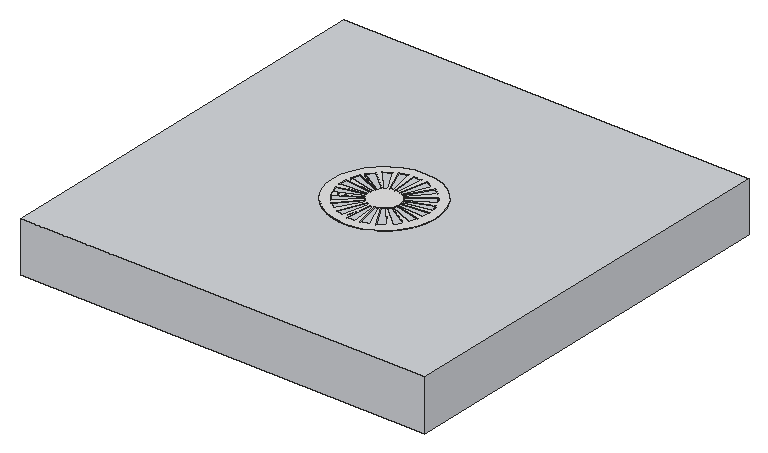
Revit family
Parameters (values of type "615 Diameter_20")
  Void Radius = 172.75 mm
  URL = "http://www.productspec.net/products/29967/holyoake-industries/ceiling-radial-swirl-diffuser-cfp.aspx"
  Type Comments = "Ceiling Radial Swirl Diffuser"  # constant formula
  Radius = 307.50 mm
  Face Thickness = 8.00 mm  # constant formula
  Model = "CFP 615 Diameter 20 Blade"
  Manufacturer = "Holyoake Industries Ltd"  # constant formula
  Engineering Data = ""
  Diffuser [instance] = Aluminium - Holyoake
  Description = "Designed to provide high quality indoor air diffusion. Constructed with swirl deflection blades that produce a highly turbulent radial airflow pattern."  # constant formula
  Default Elevation = 0.00 mm
  Created By = "Productspec Ltd"  # constant formula
  Blade Offset = 90.75 mm
  Blade Number = 20
  Blade [instance] = Plastic - Holyoake
  Author = "Zinder Zhao"  # constant formula
  Air Flow [instance] = 0 CFM
Types (3, lengths in mm): name | Void Radius | Radius | Model | Blade Offset | Blade Number
  (no name) | 172.75 | 307.50 | "CFP 615 Diameter 20 Blade" | 90.75 | 20
  500 Diameter_8 | 114.50 | 250.00 | "CFP 500 Diameter 8 Blade" | 32.50 | 8
  615 Diameter_20 | 172.75 | 307.50 | "CFP 615 Diameter 20 Blade" | 90.75 | 20
Reference planes
  plane 1 "Center (Front/Back)": y = 0
  plane 2: z = 0
  plane 3 "Center (Left/Right)": x = 0
  plane 4 "Back": z = -8
  plane 5 "c": y = 90.75
  plane 6 "b": y = -90.75
Forms (mm)
  Extrusion 1, solid
    sketch origin (0, 0, 0) x (1, 0, 0) y (0, 1, 0)
      loop
        line (-1219.2, 1219.2) -> (-1219.2, -1219.2) -> (1219.2, -1219.2) -> (1219.2, 1219.2) -> (-1219.2, 1219.2)
    from 0 to -304.8
  Extrusion 2, solid, material "Aluminium - Holyoake" <- "Diffuser"
    sketch origin (0, 0, 0) x (1, 0, 0) y (0, 1, 0)
      loop
        circle (0, 0) r 307.5
    from -8 to 0
  Extrusion 3, void
    sketch origin (-0.004, 58.248, 0) x (1, 0, 0) y (0, 1, 0)
      loop
        line (26.169, 194.5) -> (-23.511, 194.5) -> (-9.546, 34.5) -> (12.545, 34.5) -> (26.169, 194.5)
    from -8 to 0
  Extrusion 4, void
    sketch origin (17.996, 55.399, 0) x (0.951057, -0.309017, 0) y (0.309017, 0.951057, 0)
      loop
        line (26.169, 194.5) -> (-23.511, 194.5) -> (-9.546, 34.5) -> (12.545, 34.5) -> (26.169, 194.5)
    from -8 to 0
  Extrusion 5, void
    sketch origin (-18.003, 55.396, 0) x (0.951057, 0.309017, 0) y (-0.309017, 0.951057, 0)
      loop
        line (26.169, 194.5) -> (-23.511, 194.5) -> (-9.546, 34.5) -> (12.545, 34.5) -> (26.169, 194.5)
    from -8 to 0
  Extrusion 6, void
    sketch origin (-34.241, 47.122, 0) x (0.809017, 0.587785, 0) y (-0.587785, 0.809017, 0)
      loop
        line (26.169, 194.5) -> (-23.511, 194.5) -> (-9.546, 34.5) -> (12.545, 34.5) -> (26.169, 194.5)
    from -8 to 0
  Extrusion 7, void
    sketch origin (-47.126, 34.234, 0) x (0.587785, 0.809017, 0) y (-0.809017, 0.587785, 0)
      loop
        line (26.169, 194.5) -> (-23.511, 194.5) -> (-9.546, 34.5) -> (12.545, 34.5) -> (26.169, 194.5)
    from -8 to 0
  Extrusion 8, void
    sketch origin (-55.399, 17.996, 0) x (0.309017, 0.951057, 0) y (-0.951057, 0.309017, 0)
      loop
        line (26.169, 194.5) -> (-23.511, 194.5) -> (-9.546, 34.5) -> (12.545, 34.5) -> (26.169, 194.5)
    from -8 to 0
  Extrusion 9, void
    sketch origin (-58.248, -0.004, 0) x (0, 1, 0) y (-1, 0, 0)
      loop
        line (26.169, 194.5) -> (-23.511, 194.5) -> (-9.546, 34.5) -> (12.545, 34.5) -> (26.169, 194.5)
    from -8 to 0
  Extrusion 10, void
    sketch origin (-55.396, -18.003, 0) x (-0.309017, 0.951057, 0) y (-0.951057, -0.309017, 0)
      loop
        line (26.169, 194.5) -> (-23.511, 194.5) -> (-9.546, 34.5) -> (12.545, 34.5) -> (26.169, 194.5)
    from -8 to 0
  Extrusion 11, void
    sketch origin (-47.122, -34.241, 0) x (-0.587785, 0.809017, 0) y (-0.809017, -0.587785, 0)
      loop
        line (26.169, 194.5) -> (-23.511, 194.5) -> (-9.546, 34.5) -> (12.545, 34.5) -> (26.169, 194.5)
    from -8 to 0
  Extrusion 12, void
    sketch origin (-34.234, -47.126, 0) x (-0.809017, 0.587785, 0) y (-0.587785, -0.809017, 0)
      loop
        line (26.169, 194.5) -> (-23.511, 194.5) -> (-9.546, 34.5) -> (12.545, 34.5) -> (26.169, 194.5)
    from -8 to 0
  Extrusion 13, void
    sketch origin (-17.996, -55.399, 0) x (-0.951057, 0.309017, 0) y (-0.309017, -0.951057, 0)
      loop
        line (26.169, 194.5) -> (-23.511, 194.5) -> (-9.546, 34.5) -> (12.545, 34.5) -> (26.169, 194.5)
    from -8 to 0
  Extrusion 14, void
    sketch origin (0.004, -58.248, 0) x (-1, 0, 0) y (0, -1, 0)
      loop
        line (26.169, 194.5) -> (-23.511, 194.5) -> (-9.546, 34.5) -> (12.545, 34.5) -> (26.169, 194.5)
    from -8 to 0
  Extrusion 15, void
    sketch origin (18.003, -55.396, 0) x (-0.951057, -0.309017, 0) y (0.309017, -0.951057, 0)
      loop
        line (26.169, 194.5) -> (-23.511, 194.5) -> (-9.546, 34.5) -> (12.545, 34.5) -> (26.169, 194.5)
    from -8 to 0
  Extrusion 16, void
    sketch origin (34.241, -47.122, 0) x (-0.809017, -0.587785, 0) y (0.587785, -0.809017, 0)
      loop
        line (26.169, 194.5) -> (-23.511, 194.5) -> (-9.546, 34.5) -> (12.545, 34.5) -> (26.169, 194.5)
    from -8 to 0
  Extrusion 17, void
    sketch origin (47.126, -34.234, 0) x (-0.587785, -0.809017, 0) y (0.809017, -0.587785, 0)
      loop
        line (26.169, 194.5) -> (-23.511, 194.5) -> (-9.546, 34.5) -> (12.545, 34.5) -> (26.169, 194.5)
    from -8 to 0
  Extrusion 18, void
    sketch origin (55.399, -17.996, 0) x (-0.309017, -0.951057, 0) y (0.951057, -0.309017, 0)
      loop
        line (26.169, 194.5) -> (-23.511, 194.5) -> (-9.546, 34.5) -> (12.545, 34.5) -> (26.169, 194.5)
    from -8 to 0
  Extrusion 19, void
    sketch origin (58.248, 0.004, 0) x (0, -1, 0) y (1, 0, 0)
      loop
        line (26.169, 194.5) -> (-23.511, 194.5) -> (-9.546, 34.5) -> (12.545, 34.5) -> (26.169, 194.5)
    from -8 to 0
  Extrusion 20, void
    sketch origin (55.396, 18.003, 0) x (0.309017, -0.951057, 0) y (0.951057, 0.309017, 0)
      loop
        line (26.169, 194.5) -> (-23.511, 194.5) -> (-9.546, 34.5) -> (12.545, 34.5) -> (26.169, 194.5)
    from -8 to 0
  Extrusion 21, void
    sketch origin (47.122, 34.241, 0) x (0.587785, -0.809017, 0) y (0.809017, 0.587785, 0)
      loop
        line (26.169, 194.5) -> (-23.511, 194.5) -> (-9.546, 34.5) -> (12.545, 34.5) -> (26.169, 194.5)
    from -8 to 0
  Extrusion 22, void
    sketch origin (34.234, 47.126, 0) x (0.809017, -0.587785, 0) y (0.587785, 0.809017, 0)
      loop
        line (26.169, 194.5) -> (-23.511, 194.5) -> (-9.546, 34.5) -> (12.545, 34.5) -> (26.169, 194.5)
    from -8 to 0
Cuts and joins
  Extrusion 3, Extrusion 4, Extrusion 5, Extrusion 6, Extrusion 7, Extrusion 8, Extrusion 9, Extrusion 10, Extrusion 11, Extrusion 12, Extrusion 13, Extrusion 14, Extrusion 15, Extrusion 16, Extrusion 17, Extrusion 18, Extrusion 19, Extrusion 20, Extrusion 21, Extrusion 22 cuts Extrusion 2
Dimensions and locks
  equal spacing: plane 6 "b", plane 1 "Center (Front/Back)", plane 5 "c"
  "Face Thickness": plane 2 to plane 4 "Back"
  "Blade Offset": plane 1 "Center (Front/Back)" to plane 5 "c"
  "Blade Offset": plane 6 "b" to plane 1 "Center (Front/Back)"
  "Radius": radius of Extrusion 2 sketch curve
  "Void Radius": radius of radial array
  aligned and locked: plane 2 to Extrusion 1
  aligned and locked: level to Extrusion 1
Automatic sketch dimensions
  Extrusion 1 sketch curve to Extrusion 1 sketch curve = 2438.40 mm  (x2)
  Extrusion 2 sketch curve to plane 1 "Center (Front/Back)" = 0.00 mm
  Extrusion 2 sketch curve to plane 3 "Center (Left/Right)" = 0.00 mm
  Extrusion 3 sketch curve to Extrusion 3 sketch curve = 13.965 mm
  Extrusion 3 sketch curve to Extrusion 3 sketch curve = 22.091 mm
  Extrusion 3 sketch curve to Extrusion 3 sketch curve = 49.681 mm
  Extrusion 3 sketch curve to Extrusion 3 sketch curve = 160.00 mm
  Extrusion 4 sketch curve to Extrusion 4 sketch curve = 13.965 mm
  Extrusion 4 sketch curve to Extrusion 4 sketch curve = 22.091 mm
  Extrusion 4 sketch curve to Extrusion 4 sketch curve = 49.681 mm
  Extrusion 4 sketch curve to Extrusion 4 sketch curve = 160.00 mm
  Extrusion 5 sketch curve to Extrusion 5 sketch curve = 13.965 mm
  Extrusion 5 sketch curve to Extrusion 5 sketch curve = 22.091 mm
  Extrusion 5 sketch curve to Extrusion 5 sketch curve = 49.681 mm
  Extrusion 5 sketch curve to Extrusion 5 sketch curve = 160.00 mm
  Extrusion 6 sketch curve to Extrusion 6 sketch curve = 13.965 mm
  Extrusion 6 sketch curve to Extrusion 6 sketch curve = 22.091 mm
  Extrusion 6 sketch curve to Extrusion 6 sketch curve = 49.681 mm
  Extrusion 6 sketch curve to Extrusion 6 sketch curve = 160.00 mm
  Extrusion 7 sketch curve to Extrusion 7 sketch curve = 13.965 mm
  Extrusion 7 sketch curve to Extrusion 7 sketch curve = 22.091 mm
  Extrusion 7 sketch curve to Extrusion 7 sketch curve = 49.681 mm
  Extrusion 7 sketch curve to Extrusion 7 sketch curve = 160.00 mm
  Extrusion 8 sketch curve to Extrusion 8 sketch curve = 13.965 mm
  Extrusion 8 sketch curve to Extrusion 8 sketch curve = 22.091 mm
  Extrusion 8 sketch curve to Extrusion 8 sketch curve = 49.681 mm
  Extrusion 8 sketch curve to Extrusion 8 sketch curve = 160.00 mm
  Extrusion 9 sketch curve to Extrusion 9 sketch curve = 13.965 mm
  Extrusion 9 sketch curve to Extrusion 9 sketch curve = 22.091 mm
  Extrusion 9 sketch curve to Extrusion 9 sketch curve = 49.681 mm
  Extrusion 9 sketch curve to Extrusion 9 sketch curve = 160.00 mm
  Extrusion 10 sketch curve to Extrusion 10 sketch curve = 13.965 mm
  Extrusion 10 sketch curve to Extrusion 10 sketch curve = 22.091 mm
  Extrusion 10 sketch curve to Extrusion 10 sketch curve = 49.681 mm
  Extrusion 10 sketch curve to Extrusion 10 sketch curve = 160.00 mm
  Extrusion 11 sketch curve to Extrusion 11 sketch curve = 13.965 mm
  Extrusion 11 sketch curve to Extrusion 11 sketch curve = 22.091 mm
  Extrusion 11 sketch curve to Extrusion 11 sketch curve = 49.681 mm
  Extrusion 11 sketch curve to Extrusion 11 sketch curve = 160.00 mm
  Extrusion 12 sketch curve to Extrusion 12 sketch curve = 13.965 mm
  Extrusion 12 sketch curve to Extrusion 12 sketch curve = 22.091 mm
  Extrusion 12 sketch curve to Extrusion 12 sketch curve = 49.681 mm
  Extrusion 12 sketch curve to Extrusion 12 sketch curve = 160.00 mm
  Extrusion 13 sketch curve to Extrusion 13 sketch curve = 13.965 mm
  Extrusion 13 sketch curve to Extrusion 13 sketch curve = 22.091 mm
  Extrusion 13 sketch curve to Extrusion 13 sketch curve = 49.681 mm
  Extrusion 13 sketch curve to Extrusion 13 sketch curve = 160.00 mm
  Extrusion 14 sketch curve to Extrusion 14 sketch curve = 13.965 mm
  Extrusion 14 sketch curve to Extrusion 14 sketch curve = 22.091 mm
  Extrusion 14 sketch curve to Extrusion 14 sketch curve = 49.681 mm
  Extrusion 14 sketch curve to Extrusion 14 sketch curve = 160.00 mm
  Extrusion 15 sketch curve to Extrusion 15 sketch curve = 13.965 mm
  Extrusion 15 sketch curve to Extrusion 15 sketch curve = 22.091 mm
  Extrusion 15 sketch curve to Extrusion 15 sketch curve = 49.681 mm
  Extrusion 15 sketch curve to Extrusion 15 sketch curve = 160.00 mm
  Extrusion 16 sketch curve to Extrusion 16 sketch curve = 13.965 mm
  Extrusion 16 sketch curve to Extrusion 16 sketch curve = 22.091 mm
  Extrusion 16 sketch curve to Extrusion 16 sketch curve = 49.681 mm
  Extrusion 16 sketch curve to Extrusion 16 sketch curve = 160.00 mm
  Extrusion 17 sketch curve to Extrusion 17 sketch curve = 13.965 mm
  Extrusion 17 sketch curve to Extrusion 17 sketch curve = 22.091 mm
  Extrusion 17 sketch curve to Extrusion 17 sketch curve = 49.681 mm
  Extrusion 17 sketch curve to Extrusion 17 sketch curve = 160.00 mm
  Extrusion 18 sketch curve to Extrusion 18 sketch curve = 13.965 mm
  Extrusion 18 sketch curve to Extrusion 18 sketch curve = 22.091 mm
  Extrusion 18 sketch curve to Extrusion 18 sketch curve = 49.681 mm
  Extrusion 18 sketch curve to Extrusion 18 sketch curve = 160.00 mm
  Extrusion 19 sketch curve to Extrusion 19 sketch curve = 13.965 mm
  Extrusion 19 sketch curve to Extrusion 19 sketch curve = 22.091 mm
  Extrusion 19 sketch curve to Extrusion 19 sketch curve = 49.681 mm
  Extrusion 19 sketch curve to Extrusion 19 sketch curve = 160.00 mm
  Extrusion 20 sketch curve to Extrusion 20 sketch curve = 13.965 mm
  Extrusion 20 sketch curve to Extrusion 20 sketch curve = 22.091 mm
  Extrusion 20 sketch curve to Extrusion 20 sketch curve = 49.681 mm
  Extrusion 20 sketch curve to Extrusion 20 sketch curve = 160.00 mm
  Extrusion 21 sketch curve to Extrusion 21 sketch curve = 13.965 mm
  Extrusion 21 sketch curve to Extrusion 21 sketch curve = 22.091 mm
  Extrusion 21 sketch curve to Extrusion 21 sketch curve = 49.681 mm
  Extrusion 21 sketch curve to Extrusion 21 sketch curve = 160.00 mm
  Extrusion 22 sketch curve to Extrusion 22 sketch curve = 13.965 mm
  Extrusion 22 sketch curve to Extrusion 22 sketch curve = 22.091 mm
  Extrusion 22 sketch curve to Extrusion 22 sketch curve = 49.681 mm
  Extrusion 22 sketch curve to Extrusion 22 sketch curve = 160.00 mm
Nested families
  nested 1: "Holyoake_CeilingDiffuser_CFP_Blade" at (0, 172.75, -8), type "CFP Blade"
    with Blade none
  nested 2: "Holyoake_CeilingDiffuser_CFP_Blade" at (53.383, 164.295, -8) x (0.9511, -0.309, 0) z (0, 0, 1), type "CFP Blade"
    with Blade none
  nested 3: "Holyoake_CeilingDiffuser_CFP_Blade" at (-53.383, 164.295, -8) x (0.9511, 0.309, 0) z (0, 0, 1), type "CFP Blade"
    with Blade none
  nested 4: "Holyoake_CeilingDiffuser_CFP_Blade" at (-101.54, 139.758, -8) x (0.809, 0.5878, 0) z (0, 0, 1), type "CFP Blade"
    with Blade none
  nested 5: "Holyoake_CeilingDiffuser_CFP_Blade" at (-139.758, 101.54, -8) x (0.5878, 0.809, 0) z (0, 0, 1), type "CFP Blade"
    with Blade none
  nested 6: "Holyoake_CeilingDiffuser_CFP_Blade" at (-164.295, 53.383, -8) x (0.309, 0.9511, 0) z (0, 0, 1), type "CFP Blade"
    with Blade none
  nested 7: "Holyoake_CeilingDiffuser_CFP_Blade" at (-172.75, 0, -8) x (0, 1, 0) z (0, 0, 1), type "CFP Blade"
    with Blade none
  nested 8: "Holyoake_CeilingDiffuser_CFP_Blade" at (-164.295, -53.383, -8) x (-0.309, 0.9511, 0) z (0, 0, 1), type "CFP Blade"
    with Blade none
  nested 9: "Holyoake_CeilingDiffuser_CFP_Blade" at (-139.758, -101.54, -8) x (-0.5878, 0.809, 0) z (0, 0, 1), type "CFP Blade"
    with Blade none
  nested 10: "Holyoake_CeilingDiffuser_CFP_Blade" at (-101.54, -139.758, -8) x (-0.809, 0.5878, 0) z (0, 0, 1), type "CFP Blade"
    with Blade none
  nested 11: "Holyoake_CeilingDiffuser_CFP_Blade" at (-53.383, -164.295, -8) x (-0.9511, 0.309, 0) z (0, 0, 1), type "CFP Blade"
    with Blade none
  nested 12: "Holyoake_CeilingDiffuser_CFP_Blade" at (0, -172.75, -8) x (-1, 0, 0) z (0, 0, 1), type "CFP Blade"
    with Blade none
  nested 13: "Holyoake_CeilingDiffuser_CFP_Blade" at (53.383, -164.295, -8) x (-0.9511, -0.309, 0) z (0, 0, 1), type "CFP Blade"
    with Blade none
  nested 14: "Holyoake_CeilingDiffuser_CFP_Blade" at (101.54, -139.758, -8) x (-0.809, -0.5878, 0) z (0, 0, 1), type "CFP Blade"
    with Blade none
  nested 15: "Holyoake_CeilingDiffuser_CFP_Blade" at (139.758, -101.54, -8) x (-0.5878, -0.809, 0) z (0, 0, 1), type "CFP Blade"
    with Blade none
  nested 16: "Holyoake_CeilingDiffuser_CFP_Blade" at (164.295, -53.383, -8) x (-0.309, -0.9511, 0) z (0, 0, 1), type "CFP Blade"
    with Blade none
  nested 17: "Holyoake_CeilingDiffuser_CFP_Blade" at (172.75, 0, -8) x (0, -1, 0) z (0, 0, 1), type "CFP Blade"
    with Blade none
  nested 18: "Holyoake_CeilingDiffuser_CFP_Blade" at (164.295, 53.383, -8) x (0.309, -0.9511, 0) z (0, 0, 1), type "CFP Blade"
    with Blade none
  nested 19: "Holyoake_CeilingDiffuser_CFP_Blade" at (139.758, 101.54, -8) x (0.5878, -0.809, 0) z (0, 0, 1), type "CFP Blade"
    with Blade none
  nested 20: "Holyoake_CeilingDiffuser_CFP_Blade" at (101.54, 139.758, -8) x (0.809, -0.5878, 0) z (0, 0, 1), type "CFP Blade"
    with Blade none
Connectors
  hvac at (0, 0, -8), driven by "Radius"
    settings: on Extrusion 2, index 2
Definition of nested family "Holyoake_CeilingDiffuser_CFP_Blade"
  Parameters (values of type "CFP Blade")
    Blade Offset = 140.00 mm
    Blade Length = 164.00 mm  # constant formula
    Blade [instance] = none
    Assembly Code = ""
  Reference planes
    plane 1 "Center (Front/Back)": y = 0
    plane 2: z = 0
    plane 3 "Center (Left/Right)": x = 0
    plane 4: y = 82
    plane 5: y = -82
    plane 6: y = 80
    plane 7: y = -80
    plane 8: y = -222
  Forms (mm)
    SweptBlend 1, solid, material <- "Blade"
      path origin (0, 0, 0) x (-1, 0, 0) y (0, -1, 0)
        loop
          line (0, -82) -> (0, 82)
      profile origin (0, 82, 0) x (1, 0, 0) y (0, 0, 1)
        loop
          line (-26.34, 0) -> (26.34, -52.679) -> (26.34, 0) -> (-26.34, 0)
      end profile origin (0, -82, 0) x (1, 0, 0) y (0, 0, 1)
        loop
          line (-12.374, 0) -> (12.374, -24.749) -> (12.374, 0) -> (-12.374, 0)
    SweptBlend 2, void
      path origin (0, 0, 0) x (-1, 0, 0) y (0, -1, 0)
        loop
          line (0, -80) -> (0, 80)
      profile origin (0, 80, 0) x (1, 0, 0) y (0, 0, 1)
        loop
          line (28.34, -51.851) -> (28.34, 2) -> (-25.511, 2) -> (28.34, -51.851)
      end profile origin (0, -80, 0) x (1, 0, 0) y (0, 0, 1)
        loop
          line (14.374, -23.92) -> (14.374, 2) -> (-11.546, 2) -> (14.374, -23.92)
  Cuts and joins
    SweptBlend 2 cuts SweptBlend 1
  Dimensions and locks
    equal spacing: plane 5, plane 1 "Center (Front/Back)", plane 4
    "Blade Length": plane 4 to plane 5
    locked: plane 7 to plane 5 at 2
    locked: plane 4 to plane 6 at 2
    "Blade Offset": plane 5 to plane 8
  Automatic sketch dimensions
    SweptBlend 1 sketch curve to plane 3 "Center (Left/Right)" = 0.00 mm
    SweptBlend 1 sketch curve to plane 4 = 0.00 mm
    SweptBlend 1 sketch curve to plane 5 = 0.00 mm
    SweptBlend 1 sketch curve to profile plane = 0.00 mm  (x2)
    profile plane to SweptBlend 1 sketch curve = 26.34 mm
    SweptBlend 1 sketch curve to profile plane = 26.34 mm
    SweptBlend 1 sketch curve to profile plane = 52.679 mm
    profile plane to SweptBlend 1 sketch curve = 12.374 mm
    SweptBlend 1 sketch curve to profile plane = 12.374 mm
    SweptBlend 1 sketch curve to profile plane = 24.749 mm
    SweptBlend 2 sketch curve to plane 3 "Center (Left/Right)" = 0.00 mm
    SweptBlend 2 sketch curve to plane 6 = 0.00 mm
    SweptBlend 2 sketch curve to plane 7 = 0.00 mm
    profile plane to SweptBlend 2 sketch curve = 2.00 mm  (x2)
    profile plane to SweptBlend 2 sketch curve = 25.511 mm
    SweptBlend 2 sketch curve to profile plane = 28.34 mm
    SweptBlend 2 sketch curve to profile plane = 51.851 mm
    profile plane to SweptBlend 2 sketch curve = 11.546 mm
    SweptBlend 2 sketch curve to profile plane = 14.374 mm
    SweptBlend 2 sketch curve to profile plane = 23.92 mm
